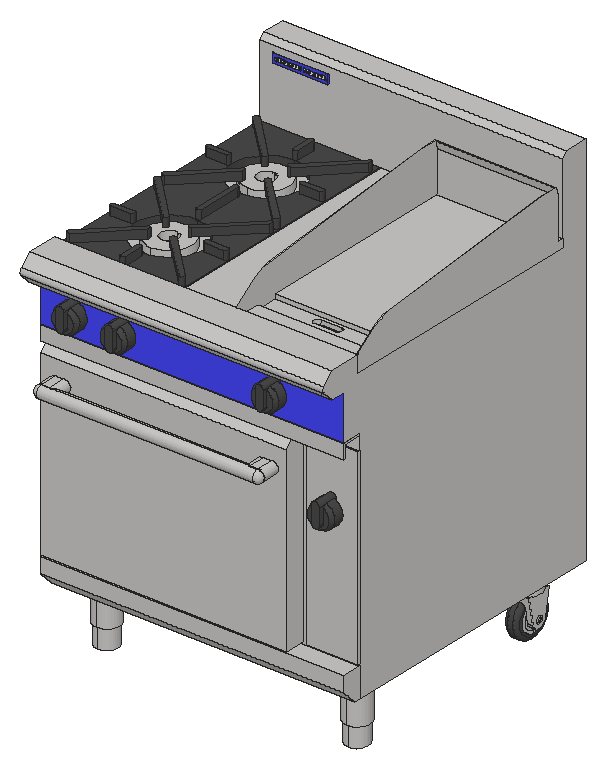
Revit family "QF_MOFFAT_BLUESEAL_CE_G505C", category Specialty Equipment, Revit 2012
Parameters
  Width = 750 mm  # constant formula
  Weight in Pounds = 401
  URL Cutsheet = "www.moffat.com"
  URL = "www.moffat.com"
  Type Mark [instance] = ""
  Status [instance] = ""
  Specification by User [instance] = ""
  Specification by Manufacturer = ""
  Show Logo [instance] = yes
  Show Clearance [instance] = yes
  Show Casters [instance] = yes
  Serial Number = ""
  Seismic Rating = ""
  SMACNA No = ""
  Revision Code [instance] = ""
  Omniclass Number and Title = ""
  NAFEM Spec ID Number = ""
  Model = "G505C"
  Mechanical Remarks [instance] = ""
  Mechanical Connection Type [instance] = ""
  Masterspec = ""
  Manufacturer = "MOFFAT BLUESEAL"
  Legs [instance] = not(Show Casters)  # no
  Item Number [instance] = ""
  Installed By [instance] = ""
  Identify Quantity as Lot [instance] = yes
  Height = 1085 mm  # constant formula
  Gas Size = 3/4"
  Gas RI Height [instance] = 0 mm
  Gas KW [instance] = 29
  Gas Input [instance] = 98500.0 Btu/h
  Gas Connection Height = 0 mm
  Furnished By [instance] = ""
  Foodservice Equipment Identifier [instance] = yes
  Description = "750MM GAS RANGE WITH STATIC OVEN"
  Depth = 812 mm  # constant formula
  CSI MasterFormat = ""
  CSI Master Format = ""
Reference planes
  plane 1 "BACK": y = 0
  plane 2: z = 0
  plane 3 "LEFT": x = 0
  plane 4 "RIGHT": x = 750
  plane 5 "FRONT": y = -812
  plane 6 "TOP": z = 970
  plane 7 "Center Y": x = 375
  plane 8 "Center X": y = -406
  plane 9: y = -100
  plane 10 "Base Height": z = 150
  plane 11: x = 65.8
  plane 12: x = 620
  plane 13: x = 685
  plane 14: y = -500
  plane 15: x = 676
  plane 16: z = 1085
Forms (mm)
  Extrusion 1, solid, material "QF_Finishes_Stainless Steel"
    sketch origin (0, 0, 0) x (0, 1, 0) y (0, 0, 1)
      loop
        line (-784.97, 850) -> (-749, 850) -> (-749, 740) -> (-699, 740) -> (-699, 150) -> (0, 150) -> (0, 1085) -> (-57.5, 1085) -> (-70, 1072.5) -> (-70, 875) -> (-705, 875) -> (-705, 915) -> (-783.97, 915) -> (-808.469, 890.501)
        arc (-808.469, 890.501) -> (-811.99, 882) -> (-808.469, 873.499) r 12.022
        line (-808.469, 873.499) -> (-784.97, 850)
    from 0 to 750
  Extrusion 2, solid, material "QF_Finishes_Stainless Steel"
    sketch origin (555.062, 3, 100) x (1, 0, 0) y (0, 1, 0)
      loop
        circle (65, -35) r 13.5
    from 555 to 640
  Revolve 3, solid, material "QF_Finishes_Stainless Steel"
    sketch origin (65, -728, 0) x (0, 1, 0) y (0, 0, 1)
      loop
        line (71.25, 150) -> (71.25, 50) -> (75.5, 50) -> (75.5, 0) -> (103, 0) -> (103, 150) -> (71.25, 150)
      axis (103, 150) -> (103, 0)
    angle from 0 to 360
  Extrusion 4, solid, material "QF_Finishes_Black"
    sketch origin (0, -70, 875) x (0, -1, 0) y (1, 0, 0)
      loop
        arc (1, 4) -> (1.879, 1.879) -> (4, 1) r 3
        line (4, 1) -> (632, 1)
        arc (632, 1) -> (634.121, 1.879) -> (635, 4) r 3
        line (635, 4) -> (635, 297)
        arc (635, 297) -> (634.121, 299.121) -> (632, 300) r 3
        line (632, 300) -> (4, 300)
        arc (4, 300) -> (1.879, 299.121) -> (1, 297) r 3
        line (1, 297) -> (1, 4)
      loop
        circle (167.5, 150) r 85
      loop
        circle (467.768, 150) r 85
    from 0 to 19.5
  Extrusion 5, solid, material "QF_Finishes_Black"
    sketch origin (0, -73.5, 894.5) x (0, -1, 0) y (1, 0, 0)
      loop
        spline (323.602, 15.153) -> (322.681, 13.924) -> (322.131, 12.47) -> (321.99, 10.89) -> (322.267, 9.292) -> (322.943, 7.786) -> (323.973, 6.473) -> (325.286, 5.443) -> (326.792, 4.767) -> (328.39, 4.49) -> (329.97, 4.631) -> (331.424, 5.181) -> (332.653, 6.102)
        line (332.653, 6.102) -> (440.576, 114.025)
        spline (440.576, 114.025) -> (441.337, 115.095) -> (441.738, 116.399) -> (441.751, 117.851) -> (441.375, 119.35) -> (440.637, 120.795) -> (439.586, 122.086) -> (438.295, 123.137) -> (436.85, 123.875) -> (435.351, 124.251) -> (433.899, 124.238) -> (432.595, 123.837) -> (431.525, 123.076)
        line (431.525, 123.076) -> (323.602, 15.153)
      loop
        spline (371.852, 143.6) -> (373.146, 143.818) -> (374.352, 144.457) -> (375.388, 145.475) -> (376.182, 146.8) -> (376.682, 148.344) -> (376.852, 150) -> (376.682, 151.656) -> (376.182, 153.2) -> (375.388, 154.525) -> (374.352, 155.543) -> (373.146, 156.182) -> (371.852, 156.4)
        line (371.852, 156.4) -> (259.398, 156.4)
        spline (259.398, 156.4) -> (258.104, 156.182) -> (256.898, 155.543) -> (255.862, 154.525) -> (255.068, 153.2) -> (254.568, 151.656) -> (254.398, 150) -> (254.568, 148.344) -> (255.068, 146.8) -> (255.862, 145.475) -> (256.898, 144.457) -> (258.104, 143.818) -> (259.398, 143.6)
        line (259.398, 143.6) -> (371.852, 143.6)
      loop
        line (311.398, 15.153) -> (203.475, 123.076)
        spline (203.475, 123.076) -> (202.405, 123.837) -> (201.101, 124.238) -> (199.649, 124.251) -> (198.15, 123.875) -> (196.705, 123.137) -> (195.414, 122.086) -> (194.363, 120.795) -> (193.625, 119.35) -> (193.249, 117.851) -> (193.262, 116.399) -> (193.663, 115.095) -> (194.424, 114.025)
        line (194.424, 114.025) -> (302.347, 6.102)
        spline (302.347, 6.102) -> (303.416, 5.341) -> (304.721, 4.941) -> (306.172, 4.928) -> (307.671, 5.303) -> (309.116, 6.041) -> (310.408, 7.092) -> (311.459, 8.384) -> (312.197, 9.829) -> (312.572, 11.328) -> (312.559, 12.779) -> (312.159, 14.084) -> (311.398, 15.153)
      loop
        line (323.602, 284.847) -> (431.525, 176.924)
        spline (431.525, 176.924) -> (432.595, 176.163) -> (433.899, 175.762) -> (435.351, 175.749) -> (436.85, 176.125) -> (438.295, 176.863) -> (439.586, 177.914) -> (440.637, 179.205) -> (441.375, 180.65) -> (441.751, 182.149) -> (441.738, 183.601) -> (441.337, 184.905) -> (440.576, 185.975)
        line (440.576, 185.975) -> (332.653, 293.898)
        spline (332.653, 293.898) -> (331.424, 294.819) -> (329.97, 295.369) -> (328.39, 295.51) -> (326.792, 295.233) -> (325.286, 294.557) -> (323.973, 293.527) -> (322.943, 292.214) -> (322.267, 290.708) -> (321.99, 289.11) -> (322.131, 287.53) -> (322.681, 286.076) -> (323.602, 284.847)
      loop
        spline (311.398, 284.847) -> (312.159, 285.916) -> (312.559, 287.221) -> (312.572, 288.672) -> (312.197, 290.171) -> (311.459, 291.616) -> (310.408, 292.908) -> (309.116, 293.959) -> (307.671, 294.697) -> (306.172, 295.072) -> (304.721, 295.059) -> (303.416, 294.659) -> (302.347, 293.898)
        line (302.347, 293.898) -> (194.424, 185.975)
        spline (194.424, 185.975) -> (193.663, 184.905) -> (193.262, 183.601) -> (193.249, 182.149) -> (193.625, 180.65) -> (194.363, 179.205) -> (195.414, 177.914) -> (196.705, 176.863) -> (198.15, 176.125) -> (199.649, 175.749) -> (201.101, 175.762) -> (202.405, 176.163) -> (203.475, 176.924)
        line (203.475, 176.924) -> (311.398, 284.847)
      loop
        spline (73.549, 143.6) -> (74.844, 143.818) -> (76.049, 144.457) -> (77.085, 145.475) -> (77.88, 146.8) -> (78.379, 148.344) -> (78.549, 150) -> (78.379, 151.656) -> (77.88, 153.2) -> (77.085, 154.525) -> (76.049, 155.543) -> (74.844, 156.182) -> (73.549, 156.4)
        line (73.549, 156.4) -> (25.093, 156.4)
        spline (25.093, 156.4) -> (23.799, 156.182) -> (22.593, 155.543) -> (21.558, 154.525) -> (20.763, 153.2) -> (20.264, 151.656) -> (20.093, 150) -> (20.264, 148.344) -> (20.763, 146.8) -> (21.558, 145.475) -> (22.593, 144.457) -> (23.799, 143.818) -> (25.093, 143.6)
        line (25.093, 143.6) -> (73.549, 143.6)
      loop
        spline (608.1, 143.6) -> (609.394, 143.818) -> (610.6, 144.457) -> (611.636, 145.475) -> (612.43, 146.8) -> (612.93, 148.344) -> (613.1, 150) -> (612.93, 151.656) -> (612.43, 153.2) -> (611.636, 154.525) -> (610.6, 155.543) -> (609.394, 156.182) -> (608.1, 156.4)
        line (608.1, 156.4) -> (558.644, 156.4)
        spline (558.644, 156.4) -> (557.35, 156.182) -> (556.144, 155.543) -> (555.108, 154.525) -> (554.314, 153.2) -> (553.814, 151.656) -> (553.644, 150) -> (553.814, 148.344) -> (554.314, 146.8) -> (555.108, 145.475) -> (556.144, 144.457) -> (557.35, 143.818) -> (558.644, 143.6)
        line (558.644, 143.6) -> (608.1, 143.6)
      loop
        spline (457.6, 10.156) -> (457.818, 8.862) -> (458.457, 7.656) -> (459.475, 6.62) -> (460.8, 5.826) -> (462.344, 5.326) -> (464, 5.156) -> (465.656, 5.326) -> (467.2, 5.826) -> (468.525, 6.62) -> (469.543, 7.656) -> (470.182, 8.862) -> (470.4, 10.156)
        line (470.4, 10.156) -> (470.4, 58.612)
        spline (470.4, 58.612) -> (470.182, 59.906) -> (469.543, 61.112) -> (468.525, 62.148) -> (467.2, 62.942) -> (465.656, 63.442) -> (464, 63.612) -> (462.344, 63.442) -> (460.8, 62.942) -> (459.475, 62.148) -> (458.457, 61.112) -> (457.818, 59.906) -> (457.6, 58.612)
        line (457.6, 58.612) -> (457.6, 10.156)
      loop
        spline (160.966, 10.156) -> (161.184, 8.862) -> (161.823, 7.656) -> (162.841, 6.62) -> (164.166, 5.826) -> (165.71, 5.326) -> (167.366, 5.156) -> (169.022, 5.326) -> (170.566, 5.826) -> (171.892, 6.62) -> (172.909, 7.656) -> (173.548, 8.862) -> (173.766, 10.156)
        line (173.766, 10.156) -> (173.766, 58.612)
        spline (173.766, 58.612) -> (173.548, 59.906) -> (172.909, 61.112) -> (171.892, 62.148) -> (170.566, 62.942) -> (169.022, 63.442) -> (167.366, 63.612) -> (165.71, 63.442) -> (164.166, 62.942) -> (162.841, 62.148) -> (161.823, 61.112) -> (161.184, 59.906) -> (160.966, 58.612)
        line (160.966, 58.612) -> (160.966, 10.156)
      loop
        spline (457.6, 241.636) -> (457.818, 240.342) -> (458.457, 239.136) -> (459.475, 238.1) -> (460.8, 237.306) -> (462.344, 236.806) -> (464, 236.636) -> (465.656, 236.806) -> (467.2, 237.306) -> (468.525, 238.1) -> (469.543, 239.136) -> (470.182, 240.342) -> (470.4, 241.636)
        line (470.4, 241.636) -> (470.4, 290.092)
        spline (470.4, 290.092) -> (470.182, 291.386) -> (469.543, 292.592) -> (468.525, 293.628) -> (467.2, 294.422) -> (465.656, 294.922) -> (464, 295.092) -> (462.344, 294.922) -> (460.8, 294.422) -> (459.475, 293.628) -> (458.457, 292.592) -> (457.818, 291.386) -> (457.6, 290.092)
        line (457.6, 290.092) -> (457.6, 241.636)
      loop
        spline (160.966, 241.636) -> (161.184, 240.342) -> (161.823, 239.136) -> (162.841, 238.1) -> (164.166, 237.306) -> (165.71, 236.806) -> (167.366, 236.636) -> (169.022, 236.806) -> (170.566, 237.306) -> (171.892, 238.1) -> (172.909, 239.136) -> (173.548, 240.342) -> (173.766, 241.636)
        line (173.766, 241.636) -> (173.766, 290.092)
        spline (173.766, 290.092) -> (173.548, 291.386) -> (172.909, 292.592) -> (171.892, 293.628) -> (170.566, 294.422) -> (169.022, 294.922) -> (167.366, 295.092) -> (165.71, 294.922) -> (164.166, 294.422) -> (162.841, 293.628) -> (161.823, 292.592) -> (161.184, 291.386) -> (160.966, 290.092)
        line (160.966, 290.092) -> (160.966, 241.636)
      loop
        line (604.398, 15.153) -> (496.475, 123.076)
        spline (496.475, 123.076) -> (495.405, 123.837) -> (494.101, 124.238) -> (492.649, 124.251) -> (491.15, 123.875) -> (489.705, 123.137) -> (488.414, 122.086) -> (487.363, 120.795) -> (486.625, 119.35) -> (486.249, 117.851) -> (486.262, 116.399) -> (486.663, 115.095) -> (487.424, 114.025)
        line (487.424, 114.025) -> (595.347, 6.102)
        spline (595.347, 6.102) -> (596.576, 5.181) -> (598.03, 4.631) -> (599.61, 4.49) -> (601.208, 4.767) -> (602.714, 5.443) -> (604.027, 6.473) -> (605.057, 7.786) -> (605.733, 9.292) -> (606.01, 10.89) -> (605.869, 12.47) -> (605.319, 13.924) -> (604.398, 15.153)
      loop
        spline (604.398, 284.847) -> (605.319, 286.076) -> (605.869, 287.53) -> (606.01, 289.11) -> (605.733, 290.708) -> (605.057, 292.214) -> (604.027, 293.527) -> (602.714, 294.557) -> (601.208, 295.233) -> (599.61, 295.51) -> (598.03, 295.369) -> (596.576, 294.819) -> (595.347, 293.898)
        line (595.347, 293.898) -> (487.424, 185.975)
        spline (487.424, 185.975) -> (486.663, 184.905) -> (486.262, 183.601) -> (486.249, 182.149) -> (486.625, 180.65) -> (487.363, 179.205) -> (488.414, 177.914) -> (489.705, 176.863) -> (491.15, 176.125) -> (492.649, 175.749) -> (494.101, 175.762) -> (495.405, 176.163) -> (496.475, 176.924)
        line (496.475, 176.924) -> (604.398, 284.847)
      loop
        spline (16.602, 15.153) -> (15.841, 14.084) -> (15.441, 12.779) -> (15.428, 11.328) -> (15.803, 9.829) -> (16.541, 8.384) -> (17.592, 7.092) -> (18.884, 6.041) -> (20.329, 5.303) -> (21.828, 4.928) -> (23.279, 4.941) -> (24.584, 5.341) -> (25.653, 6.102)
        line (25.653, 6.102) -> (133.576, 114.025)
        spline (133.576, 114.025) -> (134.337, 115.095) -> (134.738, 116.399) -> (134.751, 117.851) -> (134.375, 119.35) -> (133.637, 120.795) -> (132.586, 122.086) -> (131.295, 123.137) -> (129.85, 123.875) -> (128.351, 124.251) -> (126.899, 124.238) -> (125.595, 123.837) -> (124.525, 123.076)
        line (124.525, 123.076) -> (16.602, 15.153)
      loop
        line (16.602, 284.847) -> (124.525, 176.924)
        spline (124.525, 176.924) -> (125.595, 176.163) -> (126.899, 175.762) -> (128.351, 175.749) -> (129.85, 176.125) -> (131.295, 176.863) -> (132.586, 177.914) -> (133.637, 179.205) -> (134.375, 180.65) -> (134.751, 182.149) -> (134.738, 183.601) -> (134.337, 184.905) -> (133.576, 185.975)
        line (133.576, 185.975) -> (25.653, 293.898)
        spline (25.653, 293.898) -> (24.584, 294.659) -> (23.279, 295.059) -> (21.828, 295.072) -> (20.329, 294.697) -> (18.884, 293.959) -> (17.592, 292.908) -> (16.541, 291.616) -> (15.803, 290.171) -> (15.428, 288.672) -> (15.441, 287.221) -> (15.841, 285.916) -> (16.602, 284.847)
    from 0 to 20.5
  Revolve 6, solid, material "QF_Finishes_Stainless Steel"
    sketch origin (685, -728, 0) x (0, 1, 0) y (0, 0, -1)
      loop
        line (71.25, -150) -> (103, -150) -> (103, 0) -> (75.5, 0) -> (75.5, -50) -> (71.25, -50) -> (71.25, -150)
      axis (103, -150) -> (103, 0)
    angle from 0 to 360
  Extrusion 7, solid, material "QF_Finishes_Stainless Steel"
    sketch origin (0, -70, 875) x (0, -1, 0) y (1, 0, 0)
      loop
        line (634, 300) -> (634, 450) -> (0, 450) -> (0, 300) -> (634, 300)
    from 0 to 19.5
  Extrusion 8, void
    sketch origin (0, -749, 227.5) x (0, 0, -1) y (-1, 0, 0)
      loop
        line (-465, -610) -> (-465, -625) -> (0, -625) -> (0, -610) -> (-465, -610)
    from 0 to 50
  Revolve 9, solid, material "QF_Finishes_Black"
    sketch origin (210, 7, 758.895) x (0, -1, 0) y (0, 0, 1)
      loop
        line (789, 69.605) -> (766, 69.605) -> (766, 42.105) -> (756, 42.105) -> (756, 37.105) -> (800, 37.105) -> (800, 63.757) -> (789, 69.605)
      axis (800, 37.105) -> (756, 37.105)
    angle from 0 to 360
  Revolve 10, solid, material "QF_Finishes_Black"
    sketch origin (89.999, 7, 758.768) x (0, 1, 0) y (0, 0, -1)
      loop
        line (-789, -69.5) -> (-766, -69.5) -> (-766, -42) -> (-756, -42) -> (-756, -37) -> (-800, -37) -> (-800, -63.651) -> (-789, -69.5)
      axis (-800, -37) -> (-756, -37)
    angle from 0 to 360
  Extrusion 11, solid, material "QF_Finishes_Black"
    sketch origin (228.269, 7, 758.926) x (-1, 0, 0) y (0, 0, -1)
      loop
        arc (148.269, -24.969) -> (138.269, -14.969) -> (128.269, -24.969) r 10
        line (128.269, -24.969) -> (128.269, -63.969)
        arc (128.269, -63.969) -> (138.269, -73.969) -> (148.269, -63.969) r 10
        line (148.269, -63.969) -> (148.269, -24.969)
    from 759 to 808
  Extrusion 12, solid, material "QF_Finishes_Black"
    sketch origin (349.45, 7, 758.926) x (-1, 0, 0) y (0, 0, -1)
      loop
        arc (148.269, -24.969) -> (138.269, -14.969) -> (128.269, -24.969) r 10
        line (128.269, -24.969) -> (128.269, -63.969)
        arc (128.269, -63.969) -> (138.269, -73.969) -> (148.269, -63.969) r 10
        line (148.269, -63.969) -> (148.269, -24.969)
    from 759 to 808
  Revolve 13, solid, material "QF_Finishes_Black"
    sketch origin (583.75, 7, 758.895) x (0, -1, 0) y (0, 0, -1)
      loop
        line (789, -69.605) -> (800, -63.757) -> (800, -37.105) -> (756, -37.105) -> (756, -42.105) -> (766, -42.105) -> (766, -69.605) -> (789, -69.605)
      axis (800, -37.105) -> (756, -37.105)
    angle from 0 to 360
  Extrusion 14, solid, material "QF_Finishes_Black"
    sketch origin (445.481, 7, 758.926) x (1, 0, 0) y (0, 0, 1)
      loop
        line (148.269, 24.969) -> (148.269, 63.969)
        arc (148.269, 63.969) -> (138.269, 73.969) -> (128.269, 63.969) r 10
        line (128.269, 63.969) -> (128.269, 24.969)
        arc (128.269, 24.969) -> (138.269, 14.969) -> (148.269, 24.969) r 10
    from 759 to 808
  Revolve 15, solid, material "QF_Finishes_Black"
    sketch origin (687.53, 51.5, 355.134) x (0, 1, 0) y (0, 0, 1)
      loop
        line (-789, 229.5) -> (-800, 223.651) -> (-800, 197) -> (-756, 197) -> (-756, 202) -> (-766, 202) -> (-766, 229.5) -> (-789, 229.5)
      axis (-800, 197) -> (-756, 197)
    angle from 0 to 360
  Extrusion 16, solid, material "QF_Finishes_Black"
    sketch origin (549.26, 51.5, 355.292) x (1, 0, 0) y (0, 0, 1)
      loop
        line (148.269, 184.969) -> (148.269, 223.969)
        arc (148.269, 223.969) -> (138.269, 233.969) -> (128.269, 223.969) r 10
        line (128.269, 223.969) -> (128.269, 184.969)
        arc (128.269, 184.969) -> (138.269, 174.969) -> (148.269, 184.969) r 10
    from 759 to 808
  Extrusion 17, solid, material "QF_Door-Drawer Clearances", visible <- "Show Clearance", detail levels coarse
    sketch origin (0, 7, 0) x (0, -1, 0) y (0, 0, 1)
      loop
        line (756, 690.016) -> (756, 227.5) -> (1218.516, 227.5)
        arc (1218.516, 227.5) -> (1083.048, 554.548) -> (756, 690.016) r 462.516
    from 0 to -610
  Extrusion 18, void
    sketch origin (0, 0, 150) x (-1, 0, 0) y (0, -1, 0)
      loop
        line (-681, 87.26) -> (-681, -30.24) -> (-551.5, -30.24) -> (-551.5, 38.76) -> (-600, 87.26) -> (-681, 87.26)
    from 72.5 to 590
  Extrusion 19, void
    sketch origin (35, -740, 227.5) x (0, 0, -1) y (-1, 0, 0)
      loop
        line (-472.5, -590) -> (-472.5, -715) -> (0, -715) -> (0, -590) -> (-472.5, -590)
    from -9 to 35
  Extrusion 20, solid, material "QF_Finishes_Stainless Steel"
    sketch origin (0, -70, 875) x (0, -1, 0) y (1, 0, 0)
      loop
        circle (467.5, 150) r 57
      loop
        circle (167.5, 150) r 57
      loop
        circle (467.5, 150) r 22
      loop
        circle (167.5, 150) r 22
    from 0 to 19.5
  Extrusion 21, solid, material "QF_Finishes_Stainless Steel"
    sketch origin (0, -749, 227.5) x (0, 0, 1) y (-1, 0, 0)
      loop
        line (380.625, -38.246) -> (380.625, -58.528)
        arc (380.625, -58.528) -> (395.625, -73.528) -> (410.625, -58.528) r 15
        line (410.625, -58.528) -> (410.625, -38.246)
        arc (410.625, -38.246) -> (395.625, -23.246) -> (380.625, -38.246) r 15
      loop
        arc (380.625, -573.039) -> (395.625, -588.039) -> (410.625, -573.039) r 15
        line (410.625, -573.039) -> (410.625, -552.757)
        arc (410.625, -552.757) -> (395.625, -537.757) -> (380.625, -552.757) r 15
        line (380.625, -552.757) -> (380.625, -573.039)
    from 0 to 44
  Revolve 22, solid, material "QF_Finishes_Stainless Steel"
    sketch origin (0, -793, 0) x (1, 0, 0) y (0, 0, 1)
      loop
        arc (588.039, 623.125) -> (583.646, 633.732) -> (573.039, 638.125) r 15
        line (573.039, 638.125) -> (38.246, 638.125)
        arc (38.246, 638.125) -> (27.64, 633.732) -> (23.246, 623.125) r 15
        line (23.246, 623.125) -> (588.039, 623.125)
      axis (588.039, 623.125) -> (23.246, 623.125)
    angle from 0 to 360
  Extrusion 23, solid, material "QF_Finishes_Stainless Steel"
    sketch origin (0, 9, 0) x (0, 1, 0) y (0, 0, 1)
      loop
        line (-708, 227.5) -> (-708, 700) -> (-734, 700) -> (-758, 676) -> (-758, 227.5) -> (-708, 227.5)
    from 0 to 750
  Extrusion 24, solid, material "QF_Finishes_Stainless Steel"
    sketch origin (0, 7, 0) x (0, 1, 0) y (0, 0, 1)
      loop
        line (-756, 738) -> (-756, 703) -> (-752.98, 703) -> (-752.98, 735) -> (-708, 735) -> (-708, 738) -> (-756, 738)
    from 0 to 750
  Extrusion 25, solid, material "QF_Finishes_Stainless Steel"
    sketch origin (0, 9, 0) x (0, 1, 0) y (0, 0, 1)
      loop
        line (-708, 222.5) -> (-758, 222.5) -> (-758, 186) -> (-722, 150) -> (-708, 150) -> (-708, 222.5)
    from 0 to 750
  Extrusion 26, solid, material "QF_Finishes_Stainless Steel", visible <- "Show Casters"
    sketch origin (71.501, 133.353, -8.783) x (0, 1, 0) y (0, 0, 1)
      loop
        line (-201.603, 118.783) -> (-265.103, 118.783) -> (-252.746, 53.895)
        arc (-252.746, 53.895) -> (-233.353, 38.783) -> (-213.959, 53.895) r 20
        line (-213.959, 53.895) -> (-201.603, 118.783)
    from -35.667 to 22.923
  Revolve 27, solid, material "QF_Finishes_Stainless Steel", visible <- "Show Casters"
    sketch origin (65, -203, 0) x (0, 1, 0) y (0, 0, 1)
      loop
        line (67.25, 150) -> (67.25, 110) -> (103, 110) -> (103, 150) -> (67.25, 150)
      axis (103, 150) -> (103, 110)
    angle from 0 to 360
  Revolve 28, solid, material "QF_Finishes_Stainless Steel", visible <- "Show Casters"
    sketch origin (685, -203, 0) x (0, 1, 0) y (0, 0, -1)
      loop
        line (67.25, -150) -> (103, -150) -> (103, -110) -> (67.25, -110) -> (67.25, -150)
      axis (103, -150) -> (103, -110)
    angle from 0 to 360
  Revolve 29, solid, material "QF_Finishes_Stainless Steel", visible <- "Show Casters"
    sketch origin (635.776, -99.755, -13.653) x (1, 0, 0) y (0, 0, 1)
      loop
        line (14.841, 64.453) -> (83.584, 64.453) -> (83.584, 67.958) -> (82.314, 69.228) -> (80.79, 69.228) -> (80.79, 72.674) -> (68.644, 72.674) -> (68.644, 82.639) -> (65.088, 84.692) -> (63.738, 93.028) -> (65.881, 93.028) -> (65.881, 99.378) -> (65.088, 99.378) -> (65.088, 105.728)
        arc (65.088, 105.728) -> (62.298, 112.463) -> (55.563, 115.253) r 9.525
        line (55.563, 115.253) -> (42.863, 115.253)
        arc (42.863, 115.253) -> (36.127, 112.463) -> (33.338, 105.728) r 9.525
        line (33.338, 105.728) -> (33.338, 99.378) -> (32.544, 99.378) -> (32.544, 93.028) -> (34.687, 93.028) -> (33.352, 84.781) -> (29.782, 82.719) -> (29.782, 72.674) -> (17.635, 72.674) -> (17.635, 69.228) -> (16.111, 69.228) -> (14.841, 67.958) -> (14.841, 64.453)
      axis (14.841, 64.453) -> (83.584, 64.453)
    angle from 0 to 360
  Extrusion 30, solid, material "QF_Finishes_Stainless Steel", visible <- "Show Casters"
    sketch origin (691.501, 133.353, -8.783) x (0, 1, 0) y (0, 0, 1)
      loop
        line (-201.603, 118.783) -> (-265.103, 118.783) -> (-252.746, 53.895)
        arc (-252.746, 53.895) -> (-233.353, 38.783) -> (-213.959, 53.895) r 20
        line (-213.959, 53.895) -> (-201.603, 118.783)
    from -35.667 to 22.923
  Revolve 31, solid, material "QF_Finishes_Stainless Steel", visible <- "Legs"
    sketch origin (65, -165, 0) x (0, 1, 0) y (0, 0, 1)
      loop
        line (33.25, 150) -> (33.25, 50) -> (37.5, 50) -> (37.5, 0) -> (65, 0) -> (65, 150) -> (33.25, 150)
      axis (65, 150) -> (65, 0)
    angle from 0 to 360
  Revolve 32, solid, material "QF_Finishes_Stainless Steel", visible <- "Legs"
    sketch origin (685, -165, 0) x (0, 1, 0) y (0, 0, -1)
      loop
        line (33.25, -150) -> (65, -150) -> (65, 0) -> (37.5, 0) -> (37.5, -50) -> (33.25, -50) -> (33.25, -150)
      axis (65, -150) -> (65, 0)
    angle from 0 to 360
  Revolve 33, solid, material "QF_Finishes_Stainless Steel", visible <- "Show Casters"
    sketch origin (114.224, -99.755, -13.653) x (-1, 0, 0) y (0, 0, -1)
      loop
        line (14.841, -64.453) -> (14.841, -67.958) -> (16.111, -69.228) -> (17.635, -69.228) -> (17.635, -72.674) -> (29.782, -72.674) -> (29.782, -82.719) -> (33.352, -84.781) -> (34.687, -93.028) -> (32.544, -93.028) -> (32.544, -99.378) -> (33.338, -99.378) -> (33.338, -105.728)
        arc (33.338, -105.728) -> (36.127, -112.463) -> (42.863, -115.253) r 9.525
        line (42.863, -115.253) -> (55.563, -115.253)
        arc (55.563, -115.253) -> (62.298, -112.463) -> (65.088, -105.728) r 9.525
        line (65.088, -105.728) -> (65.088, -99.378) -> (65.881, -99.378) -> (65.881, -93.028) -> (63.738, -93.028) -> (65.088, -84.692) -> (68.644, -82.639) -> (68.644, -72.674) -> (80.79, -72.674) -> (80.79, -69.228) -> (82.314, -69.228) -> (83.584, -67.958) -> (83.584, -64.453) -> (14.841, -64.453)
      axis (14.841, -64.453) -> (83.584, -64.453)
    angle from 0 to 360
Cuts and joins
  Extrusion 8, Extrusion 18, Extrusion 19 cuts Extrusion 1
  Extrusion 8, Extrusion 19 cuts Extrusion 23
Lines and regions (mm)
  Split face 1
    outline origin (0, -70, 894.5) x (0, -1, 0) y (1, 0, 0)
      loop
        circle (45.037, 327.576) r 8
  Split face 2
    outline origin (47.424, -70, 894.5) x (0, -1, 0) y (1, 0, 0)
      loop
        circle (45.037, 327.576) r 8
  Split face 3
    outline origin (750, -70, 894.5) x (0, -1, 0) y (1, 0, 0)
      loop
        circle (45.037, -327.576) r 8
  Split face 4
    outline origin (0, -104, 894.5) x (0, -1, 0) y (1, 0, 0)
      loop
        circle (45.037, 327.576) r 8
  Split face 5
    outline origin (47.424, -104, 894.5) x (0, -1, 0) y (1, 0, 0)
      loop
        circle (45.037, 327.576) r 8
  Split face 6
    outline origin (750, -104, 894.5) x (0, -1, 0) y (1, 0, 0)
      loop
        circle (45.037, -327.576) r 8
  Split face 7
    outline origin (0, -138, 894.5) x (0, -1, 0) y (1, 0, 0)
      loop
        circle (45.037, 327.576) r 8
  Split face 8
    outline origin (47.424, -138, 894.5) x (0, -1, 0) y (1, 0, 0)
      loop
        circle (45.037, 327.576) r 8
  Split face 9
    outline origin (750, -138, 894.5) x (0, -1, 0) y (1, 0, 0)
      loop
        circle (45.037, -327.576) r 8
  Split face 10
    outline origin (0, -172, 894.5) x (0, -1, 0) y (1, 0, 0)
      loop
        circle (45.037, 327.576) r 8
  Split face 11
    outline origin (47.424, -172, 894.5) x (0, -1, 0) y (1, 0, 0)
      loop
        circle (45.037, 327.576) r 8
  Split face 12
    outline origin (750, -172, 894.5) x (0, -1, 0) y (1, 0, 0)
      loop
        circle (45.037, -327.576) r 8
  Split face 13
    outline origin (0, -206, 894.5) x (0, -1, 0) y (1, 0, 0)
      loop
        circle (45.037, 327.576) r 8
  Split face 14
    outline origin (47.424, -206, 894.5) x (0, -1, 0) y (1, 0, 0)
      loop
        circle (45.037, 327.576) r 8
  Split face 15
    outline origin (750, -206, 894.5) x (0, -1, 0) y (1, 0, 0)
      loop
        circle (45.037, -327.576) r 8
  Split face 16
    outline origin (0, -240, 894.5) x (0, -1, 0) y (1, 0, 0)
      loop
        circle (45.037, 327.576) r 8
  Split face 17
    outline origin (47.424, -240, 894.5) x (0, -1, 0) y (1, 0, 0)
      loop
        circle (45.037, 327.576) r 8
  Split face 18
    outline origin (750, -240, 894.5) x (0, -1, 0) y (1, 0, 0)
      loop
        circle (45.037, -327.576) r 8
  Split face 19
    outline origin (0, -274, 894.5) x (0, -1, 0) y (1, 0, 0)
      loop
        circle (45.037, 327.576) r 8
  Split face 20
    outline origin (47.424, -274, 894.5) x (0, -1, 0) y (1, 0, 0)
      loop
        circle (45.037, 327.576) r 8
  Split face 21
    outline origin (750, -274, 894.5) x (0, -1, 0) y (1, 0, 0)
      loop
        circle (45.037, -327.576) r 8
  Split face 22
    outline origin (0, -308, 894.5) x (0, -1, 0) y (1, 0, 0)
      loop
        circle (45.037, 327.576) r 8
  Split face 23
    outline origin (47.424, -308, 894.5) x (0, -1, 0) y (1, 0, 0)
      loop
        circle (45.037, 327.576) r 8
  Split face 24
    outline origin (750, -308, 894.5) x (0, -1, 0) y (1, 0, 0)
      loop
        circle (45.037, -327.576) r 8
  Split face 25
    outline origin (0, -342, 894.5) x (0, -1, 0) y (1, 0, 0)
      loop
        circle (45.037, 327.576) r 8
  Split face 26
    outline origin (47.424, -342, 894.5) x (0, -1, 0) y (1, 0, 0)
      loop
        circle (45.037, 327.576) r 8
  Split face 27
    outline origin (750, -342, 894.5) x (0, -1, 0) y (1, 0, 0)
      loop
        circle (45.037, -327.576) r 8
  Split face 28
    outline origin (0, -376, 894.5) x (0, -1, 0) y (1, 0, 0)
      loop
        circle (45.037, 327.576) r 8
  Split face 29
    outline origin (47.424, -376, 894.5) x (0, -1, 0) y (1, 0, 0)
      loop
        circle (45.037, 327.576) r 8
  Split face 30
    outline origin (750, -376, 894.5) x (0, -1, 0) y (1, 0, 0)
      loop
        circle (45.037, -327.576) r 8
  Split face 31
    outline origin (0, -410, 894.5) x (0, -1, 0) y (1, 0, 0)
      loop
        circle (45.037, 327.576) r 8
  Split face 32
    outline origin (47.424, -410, 894.5) x (0, -1, 0) y (1, 0, 0)
      loop
        circle (45.037, 327.576) r 8
  Split face 33
    outline origin (750, -410, 894.5) x (0, -1, 0) y (1, 0, 0)
      loop
        circle (45.037, -327.576) r 8
  Split face 34
    outline origin (0, -444, 894.5) x (0, -1, 0) y (1, 0, 0)
      loop
        circle (45.037, 327.576) r 8
  Split face 35
    outline origin (47.424, -444, 894.5) x (0, -1, 0) y (1, 0, 0)
      loop
        circle (45.037, 327.576) r 8
  Split face 36
    outline origin (750, -444, 894.5) x (0, -1, 0) y (1, 0, 0)
      loop
        circle (45.037, -327.576) r 8
  Split face 37
    outline origin (0, -478, 894.5) x (0, -1, 0) y (1, 0, 0)
      loop
        circle (45.037, 327.576) r 8
  Split face 38
    outline origin (47.424, -478, 894.5) x (0, -1, 0) y (1, 0, 0)
      loop
        circle (45.037, 327.576) r 8
  Split face 39
    outline origin (750, -478, 894.5) x (0, -1, 0) y (1, 0, 0)
      loop
        circle (45.037, -327.576) r 8
  Split face 40
    outline origin (0, -512, 894.5) x (0, -1, 0) y (1, 0, 0)
      loop
        circle (45.037, 327.576) r 8
  Split face 41
    outline origin (47.424, -512, 894.5) x (0, -1, 0) y (1, 0, 0)
      loop
        circle (45.037, 327.576) r 8
  Split face 42
    outline origin (750, -512, 894.5) x (0, -1, 0) y (1, 0, 0)
      loop
        circle (45.037, -327.576) r 8
  Split face 43
    outline origin (0, -546, 894.5) x (0, -1, 0) y (1, 0, 0)
      loop
        circle (45.037, 327.576) r 8
  Split face 44
    outline origin (47.424, -546, 894.5) x (0, -1, 0) y (1, 0, 0)
      loop
        circle (45.037, 327.576) r 8
  Split face 45
    outline origin (750, -546, 894.5) x (0, -1, 0) y (1, 0, 0)
      loop
        circle (45.037, -327.576) r 8
  Split face 46
    outline origin (0, -580, 894.5) x (0, -1, 0) y (1, 0, 0)
      loop
        circle (45.037, 327.576) r 8
  Split face 47
    outline origin (47.424, -580, 894.5) x (0, -1, 0) y (1, 0, 0)
      loop
        circle (45.037, 327.576) r 8
  Split face 48
    outline origin (750, -580, 894.5) x (0, -1, 0) y (1, 0, 0)
      loop
        circle (45.037, -327.576) r 8
  Split face 49
    outline origin (0, -614, 894.5) x (0, -1, 0) y (1, 0, 0)
      loop
        circle (45.037, 327.576) r 8
  Split face 50
    outline origin (47.424, -614, 894.5) x (0, -1, 0) y (1, 0, 0)
      loop
        circle (45.037, 327.576) r 8
  Split face 51
    outline origin (750, -614, 894.5) x (0, -1, 0) y (1, 0, 0)
      loop
        circle (45.037, -327.576) r 8
  Split face 52
    outline origin (750, 0, 1085) x (-1, 0, 0) y (0, -1, 0)
      loop
        arc (485.206, 45.385) -> (476.545, 40.385) -> (476.545, 30.385) r 10
        line (476.545, 30.385) -> (480.587, 23.385)
        arc (480.587, 23.385) -> (484.247, 19.725) -> (489.247, 18.385) r 10
        line (489.247, 18.385) -> (717.206, 18.385)
        arc (717.206, 18.385) -> (725.866, 23.385) -> (725.866, 33.385) r 10
        line (725.866, 33.385) -> (721.824, 40.385)
        arc (721.824, 40.385) -> (718.164, 44.045) -> (713.164, 45.385) r 10
        line (713.164, 45.385) -> (485.206, 45.385)
  Split face 53
    outline origin (750, 0, 1085) x (-1, 0, 0) y (0, -1, 0)
      loop
        arc (35.206, 45.385) -> (26.545, 40.385) -> (26.545, 30.385) r 10
        line (26.545, 30.385) -> (30.587, 23.385)
        arc (30.587, 23.385) -> (34.247, 19.725) -> (39.247, 18.385) r 10
        line (39.247, 18.385) -> (267.206, 18.385)
        arc (267.206, 18.385) -> (275.866, 23.385) -> (275.866, 33.385) r 10
        line (275.866, 33.385) -> (271.824, 40.385)
        arc (271.824, 40.385) -> (268.164, 44.045) -> (263.164, 45.385) r 10
        line (263.164, 45.385) -> (35.206, 45.385)
  symbolic lines
    curve 1: line (0, 0, 0) -> (0, -812, 0)
    curve 2: line (750, 0, 0) -> (0, 0, 0)
    curve 3: line (750, -812, 0) -> (750, 0, 0)
    curve 4: line (0, -812, 0) -> (750, -812, 0)
    curve 5: line (750, -705, 0) -> (0, -705, 0)
    curve 6: line (0, -70, 0) -> (750, -70, 0)
    curve 7: line (0, -391, 0) -> (300, -391, 0)
    curve 8: arc (327.576, -123.037, 0) -> (335.576, -115.037, 0) -> (327.576, -107.037, 0) r 8
    curve 9: arc (327.576, -107.037, 0) -> (319.576, -115.037, 0) -> (327.576, -123.037, 0) r 8
    curve 10: arc (375, -123.037, 0) -> (383, -115.037, 0) -> (375, -107.037, 0) r 8
    curve 11: arc (375, -107.037, 0) -> (367, -115.037, 0) -> (375, -123.037, 0) r 8
    curve 12: arc (422.424, -123.037, 0) -> (430.424, -115.037, 0) -> (422.424, -107.037, 0) r 8
    curve 13: arc (422.424, -107.037, 0) -> (414.424, -115.037, 0) -> (422.424, -123.037, 0) r 8
    curve 14: arc (327.576, -157.037, 0) -> (335.576, -149.037, 0) -> (327.576, -141.037, 0) r 8
    curve 15: arc (327.576, -141.037, 0) -> (319.576, -149.037, 0) -> (327.576, -157.037, 0) r 8
    curve 16: arc (375, -157.037, 0) -> (383, -149.037, 0) -> (375, -141.037, 0) r 8
    curve 17: arc (375, -141.037, 0) -> (367, -149.037, 0) -> (375, -157.037, 0) r 8
    curve 18: arc (422.424, -157.037, 0) -> (430.424, -149.037, 0) -> (422.424, -141.037, 0) r 8
    curve 19: arc (422.424, -141.037, 0) -> (414.424, -149.037, 0) -> (422.424, -157.037, 0) r 8
    curve 20: arc (327.576, -191.037, 0) -> (335.576, -183.037, 0) -> (327.576, -175.037, 0) r 8
    curve 21: arc (327.576, -175.037, 0) -> (319.576, -183.037, 0) -> (327.576, -191.037, 0) r 8
    curve 22: arc (375, -191.037, 0) -> (383, -183.037, 0) -> (375, -175.037, 0) r 8
    curve 23: arc (375, -175.037, 0) -> (367, -183.037, 0) -> (375, -191.037, 0) r 8
    curve 24: arc (422.424, -191.037, 0) -> (430.424, -183.037, 0) -> (422.424, -175.037, 0) r 8
    curve 25: arc (422.424, -175.037, 0) -> (414.424, -183.037, 0) -> (422.424, -191.037, 0) r 8
    curve 26: arc (327.576, -225.037, 0) -> (335.576, -217.037, 0) -> (327.576, -209.037, 0) r 8
    curve 27: arc (327.576, -209.037, 0) -> (319.576, -217.037, 0) -> (327.576, -225.037, 0) r 8
    curve 28: arc (375, -225.037, 0) -> (383, -217.037, 0) -> (375, -209.037, 0) r 8
    curve 29: arc (375, -209.037, 0) -> (367, -217.037, 0) -> (375, -225.037, 0) r 8
    curve 30: arc (422.424, -225.037, 0) -> (430.424, -217.037, 0) -> (422.424, -209.037, 0) r 8
    curve 31: arc (422.424, -209.037, 0) -> (414.424, -217.037, 0) -> (422.424, -225.037, 0) r 8
    curve 32: arc (327.576, -259.037, 0) -> (335.576, -251.037, 0) -> (327.576, -243.037, 0) r 8
    curve 33: arc (327.576, -243.037, 0) -> (319.576, -251.037, 0) -> (327.576, -259.037, 0) r 8
    curve 34: arc (375, -259.037, 0) -> (383, -251.037, 0) -> (375, -243.037, 0) r 8
    curve 35: arc (375, -243.037, 0) -> (367, -251.037, 0) -> (375, -259.037, 0) r 8
    curve 36: arc (422.424, -259.037, 0) -> (430.424, -251.037, 0) -> (422.424, -243.037, 0) r 8
    curve 37: arc (422.424, -243.037, 0) -> (414.424, -251.037, 0) -> (422.424, -259.037, 0) r 8
    curve 38: arc (327.576, -293.037, 0) -> (335.576, -285.037, 0) -> (327.576, -277.037, 0) r 8
    curve 39: arc (327.576, -277.037, 0) -> (319.576, -285.037, 0) -> (327.576, -293.037, 0) r 8
    curve 40: arc (375, -293.037, 0) -> (383, -285.037, 0) -> (375, -277.037, 0) r 8
    curve 41: arc (375, -277.037, 0) -> (367, -285.037, 0) -> (375, -293.037, 0) r 8
    curve 42: arc (422.424, -293.037, 0) -> (430.424, -285.037, 0) -> (422.424, -277.037, 0) r 8
    curve 43: arc (422.424, -277.037, 0) -> (414.424, -285.037, 0) -> (422.424, -293.037, 0) r 8
    curve 44: arc (327.576, -327.037, 0) -> (335.576, -319.037, 0) -> (327.576, -311.037, 0) r 8
    curve 45: arc (327.576, -311.037, 0) -> (319.576, -319.037, 0) -> (327.576, -327.037, 0) r 8
    curve 46: arc (375, -327.037, 0) -> (383, -319.037, 0) -> (375, -311.037, 0) r 8
    curve 47: arc (375, -311.037, 0) -> (367, -319.037, 0) -> (375, -327.037, 0) r 8
    curve 48: arc (422.424, -327.037, 0) -> (430.424, -319.037, 0) -> (422.424, -311.037, 0) r 8
    curve 49: arc (422.424, -311.037, 0) -> (414.424, -319.037, 0) -> (422.424, -327.037, 0) r 8
    curve 50: arc (327.576, -361.037, 0) -> (335.576, -353.037, 0) -> (327.576, -345.037, 0) r 8
    curve 51: arc (327.576, -345.037, 0) -> (319.576, -353.037, 0) -> (327.576, -361.037, 0) r 8
    curve 52: arc (375, -361.037, 0) -> (383, -353.037, 0) -> (375, -345.037, 0) r 8
    curve 53: arc (375, -345.037, 0) -> (367, -353.037, 0) -> (375, -361.037, 0) r 8
    curve 54: arc (422.424, -361.037, 0) -> (430.424, -353.037, 0) -> (422.424, -345.037, 0) r 8
    curve 55: arc (422.424, -345.037, 0) -> (414.424, -353.037, 0) -> (422.424, -361.037, 0) r 8
    curve 56: arc (327.576, -395.037, 0) -> (335.576, -387.037, 0) -> (327.576, -379.037, 0) r 8
    curve 57: arc (327.576, -379.037, 0) -> (319.576, -387.037, 0) -> (327.576, -395.037, 0) r 8
    curve 58: arc (375, -395.037, 0) -> (383, -387.037, 0) -> (375, -379.037, 0) r 8
    curve 59: arc (375, -379.037, 0) -> (367, -387.037, 0) -> (375, -395.037, 0) r 8
    curve 60: arc (422.424, -395.037, 0) -> (430.424, -387.037, 0) -> (422.424, -379.037, 0) r 8
    curve 61: arc (422.424, -379.037, 0) -> (414.424, -387.037, 0) -> (422.424, -395.037, 0) r 8
    curve 62: arc (327.576, -429.037, 0) -> (335.576, -421.037, 0) -> (327.576, -413.037, 0) r 8
    curve 63: arc (327.576, -413.037, 0) -> (319.576, -421.037, 0) -> (327.576, -429.037, 0) r 8
    curve 64: arc (375, -429.037, 0) -> (383, -421.037, 0) -> (375, -413.037, 0) r 8
    curve 65: arc (375, -413.037, 0) -> (367, -421.037, 0) -> (375, -429.037, 0) r 8
    curve 66: arc (422.424, -429.037, 0) -> (430.424, -421.037, 0) -> (422.424, -413.037, 0) r 8
    curve 67: arc (422.424, -413.037, 0) -> (414.424, -421.037, 0) -> (422.424, -429.037, 0) r 8
    curve 68: arc (327.576, -463.037, 0) -> (335.576, -455.037, 0) -> (327.576, -447.037, 0) r 8
    curve 69: arc (327.576, -447.037, 0) -> (319.576, -455.037, 0) -> (327.576, -463.037, 0) r 8
    curve 70: arc (375, -463.037, 0) -> (383, -455.037, 0) -> (375, -447.037, 0) r 8
    curve 71: arc (375, -447.037, 0) -> (367, -455.037, 0) -> (375, -463.037, 0) r 8
    curve 72: arc (422.424, -463.037, 0) -> (430.424, -455.037, 0) -> (422.424, -447.037, 0) r 8
    curve 73: arc (422.424, -447.037, 0) -> (414.424, -455.037, 0) -> (422.424, -463.037, 0) r 8
    curve 74: arc (327.576, -497.037, 0) -> (335.576, -489.037, 0) -> (327.576, -481.037, 0) r 8
    curve 75: arc (327.576, -481.037, 0) -> (319.576, -489.037, 0) -> (327.576, -497.037, 0) r 8
    curve 76: arc (375, -497.037, 0) -> (383, -489.037, 0) -> (375, -481.037, 0) r 8
    curve 77: arc (375, -481.037, 0) -> (367, -489.037, 0) -> (375, -497.037, 0) r 8
    curve 78: arc (422.424, -497.037, 0) -> (430.424, -489.037, 0) -> (422.424, -481.037, 0) r 8
    curve 79: arc (422.424, -481.037, 0) -> (414.424, -489.037, 0) -> (422.424, -497.037, 0) r 8
    curve 80: arc (327.576, -531.037, 0) -> (335.576, -523.037, 0) -> (327.576, -515.037, 0) r 8
    curve 81: arc (327.576, -515.037, 0) -> (319.576, -523.037, 0) -> (327.576, -531.037, 0) r 8
    curve 82: arc (375, -531.037, 0) -> (383, -523.037, 0) -> (375, -515.037, 0) r 8
    curve 83: arc (375, -515.037, 0) -> (367, -523.037, 0) -> (375, -531.037, 0) r 8
    curve 84: arc (422.424, -531.037, 0) -> (430.424, -523.037, 0) -> (422.424, -515.037, 0) r 8
    curve 85: arc (422.424, -515.037, 0) -> (414.424, -523.037, 0) -> (422.424, -531.037, 0) r 8
    curve 86: arc (327.576, -565.037, 0) -> (335.576, -557.037, 0) -> (327.576, -549.037, 0) r 8
    curve 87: arc (327.576, -549.037, 0) -> (319.576, -557.037, 0) -> (327.576, -565.037, 0) r 8
    curve 88: arc (375, -565.037, 0) -> (383, -557.037, 0) -> (375, -549.037, 0) r 8
    curve 89: arc (375, -549.037, 0) -> (367, -557.037, 0) -> (375, -565.037, 0) r 8
    curve 90: arc (422.424, -565.037, 0) -> (430.424, -557.037, 0) -> (422.424, -549.037, 0) r 8
    curve 91: arc (422.424, -549.037, 0) -> (414.424, -557.037, 0) -> (422.424, -565.037, 0) r 8
    curve 92: arc (327.576, -599.037, 0) -> (335.576, -591.037, 0) -> (327.576, -583.037, 0) r 8
    curve 93: arc (327.576, -583.037, 0) -> (319.576, -591.037, 0) -> (327.576, -599.037, 0) r 8
    curve 94: arc (375, -599.037, 0) -> (383, -591.037, 0) -> (375, -583.037, 0) r 8
    curve 95: arc (375, -583.037, 0) -> (367, -591.037, 0) -> (375, -599.037, 0) r 8
    curve 96: arc (422.424, -599.037, 0) -> (430.424, -591.037, 0) -> (422.424, -583.037, 0) r 8
    curve 97: arc (422.424, -583.037, 0) -> (414.424, -591.037, 0) -> (422.424, -599.037, 0) r 8
    curve 98: arc (327.576, -633.037, 0) -> (335.576, -625.037, 0) -> (327.576, -617.037, 0) r 8
    curve 99: arc (327.576, -617.037, 0) -> (319.576, -625.037, 0) -> (327.576, -633.037, 0) r 8
    curve 100: arc (375, -633.037, 0) -> (383, -625.037, 0) -> (375, -617.037, 0) r 8
    curve 101: arc (375, -617.037, 0) -> (367, -625.037, 0) -> (375, -633.037, 0) r 8
    curve 102: arc (422.424, -633.037, 0) -> (430.424, -625.037, 0) -> (422.424, -617.037, 0) r 8
    curve 103: arc (422.424, -617.037, 0) -> (414.424, -625.037, 0) -> (422.424, -633.037, 0) r 8
    curve 104: arc (327.576, -667.037, 0) -> (335.576, -659.037, 0) -> (327.576, -651.037, 0) r 8
    curve 105: arc (327.576, -651.037, 0) -> (319.576, -659.037, 0) -> (327.576, -667.037, 0) r 8
    curve 106: arc (375, -667.037, 0) -> (383, -659.037, 0) -> (375, -651.037, 0) r 8
    curve 107: arc (375, -651.037, 0) -> (367, -659.037, 0) -> (375, -667.037, 0) r 8
    curve 108: arc (422.424, -667.037, 0) -> (430.424, -659.037, 0) -> (422.424, -651.037, 0) r 8
    curve 109: arc (422.424, -651.037, 0) -> (414.424, -659.037, 0) -> (422.424, -667.037, 0) r 8
    curve 113: line (300, -70, 0) -> (300, -705, 0)
    curve 114: line (149.988, -331.778, 0) -> (149.988, -448.358, 0)
    curve 115: line (150.034, -681.268, 0) -> (150.034, -628.558, 0)
    curve 116: line (9.26, -537.634, 0) -> (59.26, -537.634, 0)
    curve 117: line (178.593, -512.407, 0) -> (291.73, -399.27, 0)
    curve 118: line (291.767, -537.634, 0) -> (240.041, -537.634, 0)
    curve 119: arc (150, -480.5, 150) -> (207, -537.5, 150) -> (150, -594.5, 150) r 57
    curve 120: arc (150, -594.5, 150) -> (93, -537.5, 150) -> (150, -480.5, 150) r 57
    curve 121: arc (150, -622.768, 150) -> (235, -537.768, 150) -> (150, -452.768, 150) r 85
    curve 122: arc (150, -452.768, 150) -> (65, -537.768, 150) -> (150, -622.768, 150) r 85
    curve 123: arc (150, -515.5, 150) -> (128, -537.5, 150) -> (150, -559.5, 150) r 22
    curve 124: arc (150, -559.5, 150) -> (172, -537.5, 150) -> (150, -515.5, 150) r 22
    curve 125: line (121.407, -512.407, 0) -> (8.27, -399.27, 0)
    curve 126: line (178.593, -562.593, 0) -> (291.73, -675.73, 0)
    curve 127: line (121.407, -562.593, 0) -> (8.27, -675.73, 0)
    curve 128: line (150.034, -96.281, 0) -> (150.034, -149.16, 0)
    curve 129: line (178.593, -269.593, 0) -> (291.73, -382.73, 0)
    curve 130: line (121.407, -269.593, 0) -> (8.27, -382.73, 0)
    curve 131: line (9.26, -241, 0) -> (59.26, -241, 0)
    curve 132: line (291.767, -241, 0) -> (240.041, -241, 0)
    curve 133: arc (150, -322.5, 150) -> (235, -237.5, 150) -> (150, -152.5, 150) r 85
    curve 134: arc (150, -152.5, 150) -> (65, -237.5, 150) -> (150, -322.5, 150) r 85
    curve 135: arc (150, -180.5, 150) -> (207, -237.5, 150) -> (150, -294.5, 150) r 57
    curve 136: arc (150, -294.5, 150) -> (93, -237.5, 150) -> (150, -180.5, 150) r 57
    curve 137: arc (150, -259.5, 150) -> (172, -237.5, 150) -> (150, -215.5, 150) r 22
    curve 138: arc (150, -215.5, 150) -> (128, -237.5, 150) -> (150, -259.5, 150) r 22
    curve 139: line (178.593, -205.407, 0) -> (291.73, -92.27, 0)
    curve 140: line (121.407, -205.407, 0) -> (8.27, -92.27, 0)
    curve 141: line (32.794, -18.385, 150) -> (260.753, -18.385, 150)
    curve 142: arc (260.753, -18.385, 150) -> (265.753, -19.725, 150) -> (269.413, -23.385, 150) r 10
    curve 143: line (269.413, -23.385, 150) -> (273.455, -30.385, 150)
    curve 144: arc (273.455, -30.385, 150) -> (273.455, -40.385, 150) -> (264.794, -45.385, 150) r 10
    curve 145: line (264.794, -45.385, 150) -> (36.836, -45.385, 150)
    curve 146: arc (36.836, -45.385, 150) -> (31.836, -44.045, 150) -> (28.176, -40.385, 150) r 10
    curve 147: line (28.176, -40.385, 150) -> (24.134, -33.385, 150)
    curve 148: arc (24.134, -33.385, 150) -> (24.134, -23.385, 150) -> (32.794, -18.385, 150) r 10
    curve 149: line (710.753, -18.385, 150) -> (482.794, -18.385, 150)
    curve 150: arc (482.794, -18.385, 150) -> (474.134, -23.385, 150) -> (474.134, -33.385, 150) r 10
    curve 151: line (474.134, -33.385, 150) -> (478.176, -40.385, 150)
    curve 152: arc (478.176, -40.385, 150) -> (481.836, -44.045, 150) -> (486.836, -45.385, 150) r 10
    curve 153: line (486.836, -45.385, 150) -> (714.794, -45.385, 150)
    curve 154: arc (714.794, -45.385, 150) -> (723.455, -40.385, 150) -> (723.455, -30.385, 150) r 10
    curve 155: line (723.455, -30.385, 150) -> (719.413, -23.385, 150)
    curve 156: arc (719.413, -23.385, 150) -> (715.753, -19.725, 150) -> (710.753, -18.385, 150) r 10
    curve 157: line (450, -70, 150) -> (450, -705, 150)
    curve 158: line (0, -783.97, 150) -> (750, -783.97, 150)
    curve 159: line (0, -57.5, 150) -> (750, -57.5, 150)
  symbolic lines, style "QF_Door-Drawer Clearances", visible <- "Show Clearance"
    curve 110: line (0, -812, 0) -> (0, -1211.516, 0)
    curve 111: line (0, -1211.516, 0) -> (610, -1211.516, 0)
    curve 112: line (610, -1211.516, 0) -> (610, -812, 0)
Dimensions and locks
  equal spacing: plane 3 "LEFT", plane 7 "Center Y", plane 4 "RIGHT"
  "Width": plane 3 "LEFT" to plane 4 "RIGHT"
  equal spacing: plane 5 "FRONT", plane 8 "Center X", plane 1 "BACK"
  "Depth": plane 5 "FRONT" to plane 1 "BACK"
  equal spacing: plane 4 "RIGHT", plane 7 "Center Y", plane 3 "LEFT"
  plane 4 "RIGHT" to plane 3 "LEFT" = 750 mm
  plane 6 "TOP" to level = 970 mm  (x2)
  Extrusion 2 to level = 655 mm
  Extrusion 2 to plane 1 "BACK" = 32 mm
  plane 5 "FRONT" to plane 1 "BACK" = 812 mm
  Extrusion 1 to level = 915 mm
  plane 10 "Base Height" to level = 150 mm
  plane 6 "TOP" to plane 2 = 970 mm
  locked: plane 2 to Extrusion 1 sketch curve at 875
  locked: plane 2 to Extrusion 1 sketch curve at 915
  Extrusion 4 sketch curve to plane 11 = 64.8 mm
  locked: plane 13 to plane 4 "RIGHT" at 65
  plane 1 "BACK" to plane 14 = 500 mm
  plane 16 to level = 1085 mm
  "Height": plane 16 to level
  Revolve 29 sketch curve to Revolve 29 sketch curve = 50.8 mm
  Revolve 33 sketch curve to Revolve 33 sketch curve = 50.8 mm
  aligned and locked: level to plane 2
  aligned and locked: curve 3 to plane 4 "RIGHT"
  aligned and locked: Extrusion 4 to curve 7
  aligned and locked: Extrusion 1 to plane 4 "RIGHT"
  aligned and locked: Revolve 6 to plane 13  (x5)
  aligned and locked: Extrusion 7 to Extrusion 4
Automatic sketch dimensions
  plane 1 "BACK" to curve 1 = 0 mm
  curve 1 to plane 3 "LEFT" = 0 mm
  curve 34 to plane 7 "Center Y" = 0 mm
  curve 52 to plane 7 "Center Y" = 0 mm
  curve 10 to plane 7 "Center Y" = 0 mm
  curve 16 to plane 7 "Center Y" = 0 mm
  curve 47 to plane 7 "Center Y" = 0 mm
  curve 58 to plane 7 "Center Y" = 0 mm
  curve 22 to plane 7 "Center Y" = 0 mm
  curve 107 to plane 7 "Center Y" = 0 mm
  curve 64 to plane 7 "Center Y" = 0 mm
  curve 101 to plane 7 "Center Y" = 0 mm
  curve 41 to plane 7 "Center Y" = 0 mm
  curve 70 to plane 7 "Center Y" = 0 mm
  curve 28 to plane 7 "Center Y" = 0 mm
  curve 95 to plane 7 "Center Y" = 0 mm
  curve 76 to plane 7 "Center Y" = 0 mm
  curve 89 to plane 7 "Center Y" = 0 mm
  curve 82 to plane 7 "Center Y" = 0 mm
  plane 5 "FRONT" to curve 112 = 0 mm
  plane 3 "LEFT" to curve 130 = 8.27 mm
  plane 3 "LEFT" to curve 127 = 8.27 mm
  plane 3 "LEFT" to curve 125 = 8.27 mm
  plane 3 "LEFT" to curve 140 = 8.27 mm
  plane 3 "LEFT" to curve 116 = 9.26 mm
  plane 3 "LEFT" to curve 131 = 9.26 mm
  curve 116 to curve 116 = 50 mm
  curve 131 to curve 131 = 50 mm
  curve 116 to curve 127 = 62.147 mm
  curve 131 to curve 140 = 62.147 mm
  curve 130 to curve 140 = 0 mm
  curve 125 to plane 14 = 12.407 mm
  curve 125 to curve 127 = 0 mm
  curve 125 to curve 114 = 28.581 mm
  curve 127 to curve 115 = 28.628 mm
  curve 140 to curve 128 = 28.628 mm
  curve 130 to curve 129 = 57.187 mm
  curve 140 to curve 139 = 57.187 mm
  curve 117 to plane 14 = 12.407 mm
  curve 125 to curve 117 = 57.187 mm
  curve 126 to plane 14 = 62.593 mm
  curve 126 to curve 117 = 0 mm
  curve 129 to curve 132 = 61.447 mm
  curve 126 to curve 118 = 61.447 mm
  plane 8 "Center X" to curve 117 = 6.73 mm
  curve 117 to curve 7 = 8.27 mm
  curve 126 to curve 113 = 8.27 mm
  plane 9 to curve 139 = 7.73 mm
  curve 139 to curve 113 = 8.27 mm
  plane 8 "Center X" to curve 129 = 23.27 mm
  curve 129 to curve 7 = 8.27 mm
  curve 118 to curve 118 = 51.727 mm
  curve 132 to curve 132 = 51.727 mm
  curve 15 to curve 16 = 47.424 mm
  curve 9 to curve 14 = 0 mm
  curve 20 to curve 14 = 0 mm
  curve 126 to curve 105 = 35.846 mm
  curve 99 to curve 104 = 0 mm
  curve 26 to curve 20 = 0 mm
  curve 93 to curve 98 = 0 mm
  curve 87 to curve 92 = 0 mm
  curve 32 to curve 26 = 0 mm
  curve 81 to curve 86 = 0 mm
  plane 14 to curve 75 = 2.963 mm
  curve 75 to curve 80 = 0 mm
  curve 38 to curve 32 = 0 mm
  curve 69 to curve 74 = 0 mm
  curve 63 to curve 68 = 0 mm
  curve 44 to curve 38 = 0 mm
  plane 8 "Center X" to curve 57 = 10.963 mm
  curve 57 to curve 62 = 0 mm
  curve 51 to curve 56 = 0 mm
  curve 85 to plane 14 = 31.037 mm
  curve 82 to curve 85 = 47.424 mm
  curve 29 to curve 31 = 47.424 mm
  curve 36 to curve 30 = 0 mm
  plane 14 to curve 79 = 2.963 mm
  curve 79 to curve 84 = 0 mm
  curve 90 to curve 84 = 0 mm
  curve 73 to curve 78 = 0 mm
  curve 96 to curve 90 = 0 mm
  curve 25 to curve 30 = 0 mm
  curve 42 to curve 36 = 0 mm
  curve 67 to curve 72 = 0 mm
  curve 102 to curve 96 = 0 mm
  plane 8 "Center X" to curve 61 = 10.963 mm
  curve 61 to curve 66 = 0 mm
  curve 108 to curve 102 = 0 mm
  curve 54 to curve 60 = 0 mm
  curve 19 to curve 24 = 0 mm
  curve 48 to curve 54 = 0 mm
  curve 12 to curve 18 = 0 mm
  curve 111 to plane 12 = 10 mm
  curve 112 to curve 112 = 399.516 mm
  curve 5 to plane 5 "FRONT" = 107 mm
  curve 113 to plane 5 "FRONT" = 107 mm
  curve 115 to curve 126 = 118.675 mm
  curve 113 to curve 126 = 29.27 mm
  curve 5 to curve 127 = 29.27 mm
  curve 113 to curve 108 = 37.963 mm
  curve 106 to curve 108 = 0 mm
  curve 126 to curve 105 = 8.693 mm
  curve 108 to curve 108 = 8 mm
  curve 106 to curve 106 = 8 mm
  curve 104 to curve 104 = 8 mm
  curve 104 to curve 99 = 18 mm
  curve 108 to curve 102 = 18 mm
  curve 106 to curve 100 = 18 mm
  curve 115 to curve 115 = 52.71 mm
  curve 98 to curve 98 = 8 mm
  curve 102 to curve 103 = 8 mm
  curve 100 to curve 101 = 8 mm
  curve 102 to curve 97 = 18 mm
  curve 98 to curve 93 = 18 mm
  curve 100 to curve 95 = 18 mm
  curve 94 to curve 94 = 8 mm
  curve 96 to curve 97 = 8 mm
  curve 92 to curve 93 = 8 mm
  curve 94 to curve 88 = 18 mm
  curve 96 to curve 90 = 18 mm
  curve 92 to curve 86 = 18 mm
  curve 127 to curve 125 = 50.187 mm
  curve 86 to curve 86 = 8 mm
  curve 88 to curve 88 = 8 mm
  curve 90 to curve 90 = 8 mm
  curve 116 to plane 14 = 37.634 mm
  curve 86 to curve 118 = 11.403 mm
  curve 86 to curve 80 = 18 mm
  curve 88 to curve 82 = 18 mm
  curve 82 to curve 83 = 8 mm
  curve 84 to curve 85 = 8 mm
  curve 80 to curve 81 = 8 mm
  plane 14 to curve 76 = 2.963 mm
  curve 74 to curve 75 = 8 mm
  curve 78 to curve 79 = 8 mm
  curve 76 to curve 76 = 8 mm
  curve 74 to curve 69 = 18 mm
  curve 78 to curve 72 = 18 mm
  curve 76 to curve 70 = 18 mm
  curve 68 to curve 68 = 8 mm
  curve 72 to curve 72 = 8 mm
  curve 70 to curve 70 = 8 mm
  curve 114 to plane 8 "Center X" = 42.358 mm
  curve 70 to curve 64 = 18 mm
  curve 68 to curve 63 = 18 mm
  curve 72 to curve 67 = 18 mm
  curve 62 to curve 63 = 8 mm
  curve 66 to curve 67 = 8 mm
  curve 64 to curve 65 = 8 mm
  plane 8 "Center X" to curve 125 = 6.73 mm
  plane 8 "Center X" to curve 58 = 10.963 mm
  curve 125 to curve 7 = 8.27 mm
  curve 60 to curve 61 = 8 mm
  curve 58 to curve 58 = 8 mm
  curve 56 to curve 56 = 8 mm
  curve 7 to curve 130 = 8.27 mm
  curve 56 to curve 51 = 18 mm
  curve 60 to curve 55 = 18 mm
  curve 58 to curve 53 = 18 mm
  curve 50 to curve 51 = 8 mm
  curve 52 to curve 53 = 8 mm
  curve 54 to curve 54 = 8 mm
  plane 8 "Center X" to curve 114 = 74.222 mm
  curve 54 to curve 48 = 18 mm
  curve 52 to curve 47 = 18 mm
  curve 50 to curve 44 = 18 mm
  curve 48 to curve 49 = 8 mm
  curve 46 to curve 46 = 8 mm
  curve 44 to curve 44 = 8 mm
  curve 48 to curve 42 = 18 mm
  curve 44 to curve 38 = 18 mm
  curve 46 to curve 41 = 18 mm
  curve 40 to curve 41 = 8 mm
  curve 38 to curve 38 = 8 mm
  curve 42 to curve 42 = 8 mm
  curve 114 to curve 129 = 62.185 mm
  curve 130 to curve 129 = 0 mm
  curve 40 to curve 35 = 18 mm
  curve 42 to curve 36 = 18 mm
  curve 38 to curve 32 = 18 mm
  curve 34 to curve 34 = 8 mm
  curve 36 to curve 36 = 8 mm
  curve 32 to curve 33 = 8 mm
  curve 129 to curve 132 = 28.593 mm
  curve 130 to curve 131 = 28.593 mm
  curve 34 to curve 28 = 18 mm
  curve 32 to curve 27 = 18 mm
  curve 36 to curve 30 = 18 mm
  curve 26 to curve 26 = 8 mm
  curve 30 to curve 31 = 8 mm
  curve 28 to curve 28 = 8 mm
  curve 129 to curve 139 = 64.187 mm
  curve 140 to curve 139 = 0 mm
  curve 26 to curve 21 = 18 mm
  curve 30 to curve 24 = 18 mm
  curve 28 to curve 22 = 18 mm
  curve 24 to curve 25 = 8 mm
  curve 22 to curve 22 = 8 mm
  curve 20 to curve 21 = 8 mm
  curve 22 to curve 17 = 18 mm
  curve 24 to curve 18 = 18 mm
  curve 20 to curve 15 = 18 mm
  curve 128 to plane 9 = 49.16 mm
  curve 16 to curve 17 = 8 mm
  curve 14 to curve 15 = 8 mm
  curve 18 to curve 18 = 8 mm
  curve 18 to curve 12 = 18 mm
  curve 14 to curve 9 = 18 mm
  curve 16 to curve 10 = 18 mm
  curve 8 to curve 9 = 8 mm
  curve 12 to curve 12 = 8 mm
  curve 10 to curve 11 = 8 mm
  plane 9 to curve 128 = 3.719 mm
  plane 9 to curve 140 = 7.73 mm
  plane 9 to curve 6 = 30 mm
  Extrusion 1 sketch curve to plane 10 "Base Height" = 0 mm
  Extrusion 1 sketch curve to plane 16 = 0 mm
  Extrusion 1 sketch curve to plane 1 "BACK" = 0 mm
  plane 9 to Extrusion 1 sketch curve = 42.5 mm
  Extrusion 1 sketch curve to Extrusion 1 sketch curve = 12.5 mm
  Extrusion 1 sketch curve to plane 5 "FRONT" = 107 mm
  Extrusion 1 sketch curve to plane 5 "FRONT" = 113 mm
